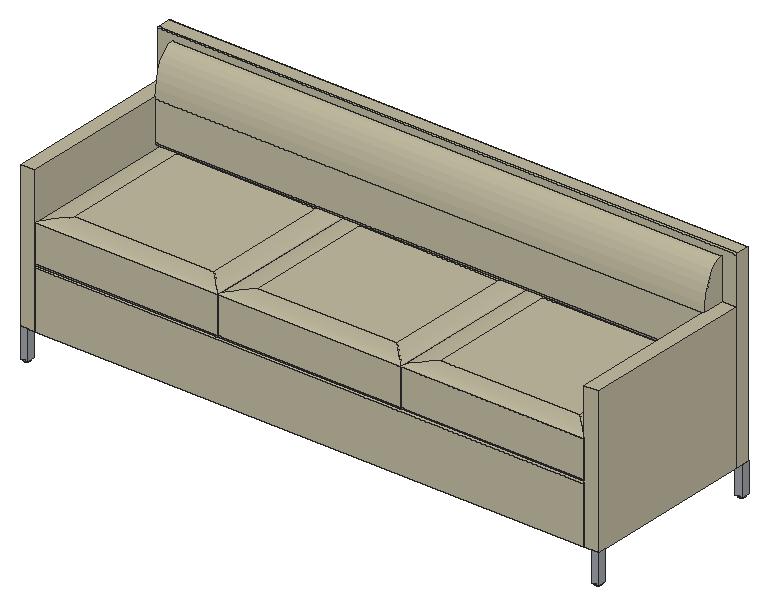
Revit family
Parameters
  URL = "http://www.martinbrattrud.com"
  SCS Certified Product = "Yes"
  Model = "Bristol 248-75HA"
  Manufacturer = "Martin Brattrud, Inc."
  Keynote = "125000"
  Copyright = "© 2013 Martin Brattrud, Inc."
  Chair [instance] = none
  Back Cushion [instance] = none
  Authoring Version = "Revit Architecture 2010"
  Assembly Code = "E2020200"
Reference planes (in)
  plane 1 "Center Front/Back": y = 0
  plane 2: z = 0
  plane 3 "Center Left/Right": x = 0
Forms (in)
  Extrusion 1, solid, material <- "Back Cushion"
    sketch origin (0, 0, 0) x (0, 1, 0) y (0, 0, 1)
      loop
        line (7.75, 23.75) -> (7.75, 18.375)
        arc (7.75, 18.375) -> (7.859835, 18.109835) -> (8.125, 18) r 0.375
        line (8.125, 18) -> (10.75, 18) -> (10.75, 29.5)
        spline (10.75, 29.5) -> (10.3584214, 29.450808) -> (9.9735429, 29.3040735) -> (9.6019497, 29.0623073) -> (9.25, 28.7296461) -> (8.9237157, 28.3117817) -> (8.6286797, 27.815864) -> (8.36994, 27.2503782) -> (8.1519238, 26.625) -> (7.9783614, 25.9504297) -> (7.8522225, 25.2382095) -> (7.7756654, 24.5005256) -> (7.75, 23.75)
    from -37.5 to 37.5
  Extrusion 2, solid, material <- "Chair"
    sketch origin (0, 0, 0) x (0, 1, 0) y (0, 0, 1)
      loop
        line (12.625, 30.5) -> (10.875, 30.5)
        arc (10.875, 30.5) -> (10.7866117, 30.4633883) -> (10.75, 30.375) r 0.125
        line (10.75, 30.375) -> (10.75, 4.25) -> (12.75, 4.25) -> (12.75, 30.375)
        arc (12.75, 30.375) -> (12.7133883, 30.4633883) -> (12.625, 30.5) r 0.125
    from -39.5 to 39.5
  Sweep 3, solid, material <- "Chair"
    path in 3D
      loop
        line (12.5, -12.75, 0) -> (12.5, 10.75, 0) -> (-12.5, 10.75, 0) -> (-12.5, -12.75, 0) -> (12.5, -12.75, 0)
    profile origin (0, -12.75, 0) x (0, 1, 0) y (0, 0, 1)
      loop
        line (0.0039062, 17.5) -> (10.75, 17.5) -> (10.75, 18) -> (3.0039063, 18)
        spline (3.0039063, 18) -> (2.6123277, 17.9957224) -> (2.2274491, 17.9829629) -> (1.855856, 17.9619398) -> (1.5039063, 17.9330127) -> (1.177622, 17.8966767) -> (0.8825859, 17.8535534) -> (0.6238462, 17.8043807) -> (0.40583, 17.75) -> (0.2322677, 17.6913417) -> (0.1061288, 17.6294095) -> (0.0295717, 17.5652631) -> (0.0039062, 17.5)
  Extrusion 4, solid, material <- "Chair"
    sketch origin (0, 0, 0) x (1, 0, 0) y (0, 1, 0)
      loop
        line (-26.75, -2) -> (26.75, -2) -> (26.75, 0) -> (-26.75, 0) -> (-26.75, -2)
    from 4.25 to 12.25
  Extrusion 5, solid, material <- "Chair"
    sketch origin (0, 0, 0) x (1, 0, 0) y (0, 1, 0)
      loop
        line (-1.75, -2) -> (1.75, -2) -> (1.75, 0) -> (-1.75, 0) -> (-1.75, -2)
    from 12.25 to 17.5
  Sweep 6, solid, material <- "Chair"
    path origin (0, 0, 0) x (1, 0, 0) y (0, 1, 0)
      loop
        line (-12.5, -12.75) -> (12.5, -12.75) -> (12.5, 10.75) -> (-12.5, 10.75) -> (-12.5, -12.75)
    profile origin (0, -12.75, 0) x (0, 1, 0) y (0, 0, 1)
      loop
        line (0, 17.5) -> (0, 12.5)
        arc (0, 12.5) -> (0.0732233, 12.3232233) -> (0.25, 12.25) r 0.25
        line (0.25, 12.25) -> (10.75, 12.25) -> (10.75, 17.5) -> (0, 17.5)
  Extrusion 7, solid, material <- "Chair"
    sketch origin (0, 0, 0) x (1, 0, 0) y (0, 1, 0)
      loop
        line (-1.75, 0) -> (-1.75, -2) -> (1.75, -2) -> (1.75, 0) -> (-1.75, 0)
    from 17.5 to 18
  Sweep 8, solid, material <- "Chair"
    path origin (0, 0, 0) x (1, 0, 0) y (0, 1, 0)
      loop
        line (-37.5, -12.75) -> (37.5, -12.75) -> (37.5, 10.75) -> (-37.5, 10.75) -> (-37.5, -12.75)
    profile origin (0, -12.75, 0) x (0, 1, 0) y (0, 0, 1)
      loop
        line (0, 4.25) -> (10.75, 4.25) -> (10.75, 12.25) -> (0.25, 12.25)
        arc (0.25, 12.25) -> (0.0732233, 12.1767767) -> (0, 12) r 0.25
        line (0, 12) -> (0, 4.25)
  Sweep 9, solid, material <- "Chair"
    path in 3D
      loop
        line (-12.5, -12.75, 0) -> (-12.5, 10.75, 0) -> (-37.5, 10.75, 0) -> (-37.5, -12.75, 0) -> (-12.5, -12.75, 0)
    profile origin (-25, -12.75, 0) x (0, 1, 0) y (0, 0, 1)
      loop
        line (0.0039062, 17.5) -> (10.75, 17.5) -> (10.75, 18) -> (3.0039063, 18)
        spline (3.0039063, 18) -> (2.6123277, 17.9957224) -> (2.2274491, 17.9829629) -> (1.855856, 17.9619398) -> (1.5039063, 17.9330127) -> (1.177622, 17.8966767) -> (0.8825859, 17.8535534) -> (0.6238462, 17.8043807) -> (0.40583, 17.75) -> (0.2322677, 17.6913417) -> (0.1061288, 17.6294095) -> (0.0295717, 17.5652631) -> (0.0039062, 17.5)
  Extrusion 10, solid, material <- "Chair"
    sketch origin (-25, 0, 0) x (1, 0, 0) y (0, 1, 0)
      loop
        line (-1.75, -2) -> (1.75, -2) -> (1.75, 0) -> (-1.75, 0) -> (-1.75, -2)
    from 12.25 to 17.5
  Sweep 11, solid, material <- "Chair"
    path origin (-25, 0, 0) x (1, 0, 0) y (0, 1, 0)
      loop
        line (-12.5, -12.75) -> (12.5, -12.75) -> (12.5, 10.75) -> (-12.5, 10.75) -> (-12.5, -12.75)
    profile origin (-25, -12.75, 0) x (0, 1, 0) y (0, 0, 1)
      loop
        line (0, 17.5) -> (0, 12.5)
        arc (0, 12.5) -> (0.0732233, 12.3232233) -> (0.25, 12.25) r 0.25
        line (0.25, 12.25) -> (10.75, 12.25) -> (10.75, 17.5) -> (0, 17.5)
  Extrusion 12, solid, material <- "Chair"
    sketch origin (-25, 0, 0) x (1, 0, 0) y (0, 1, 0)
      loop
        line (-1.75, 0) -> (-1.75, -2) -> (1.75, -2) -> (1.75, 0) -> (-1.75, 0)
    from 17.5 to 18
  Sweep 13, solid, material <- "Chair"
    path in 3D
      loop
        line (12.5, -12.75, 0) -> (12.5, 10.75, 0) -> (37.5, 10.75, 0) -> (37.5, -12.75, 0) -> (12.5, -12.75, 0)
    profile origin (25, -12.75, 0) x (0, -1, 0) y (0, 0, 1)
      loop
        spline (-0.0039062, 17.5) -> (-0.0295717, 17.5652631) -> (-0.1061288, 17.6294095) -> (-0.2322677, 17.6913417) -> (-0.40583, 17.75) -> (-0.6238462, 17.8043807) -> (-0.8825859, 17.8535534) -> (-1.177622, 17.8966767) -> (-1.5039063, 17.9330127) -> (-1.855856, 17.9619398) -> (-2.2274491, 17.9829629) -> (-2.6123277, 17.9957224) -> (-3.0039063, 18)
        line (-3.0039063, 18) -> (-10.75, 18) -> (-10.75, 17.5) -> (-0.0039062, 17.5)
  Extrusion 14, solid, material <- "Chair"
    sketch origin (25, 0, 0) x (-1, 0, 0) y (0, -1, 0)
      loop
        line (-1.75, 2) -> (-1.75, 0) -> (1.75, 0) -> (1.75, 2) -> (-1.75, 2)
    from 12.25 to 17.5
  Sweep 15, solid, material <- "Chair"
    path origin (25, 0, 0) x (-1, 0, 0) y (0, 1, 0)
      loop
        line (-12.5, -12.75) -> (12.5, -12.75) -> (12.5, 10.75) -> (-12.5, 10.75) -> (-12.5, -12.75)
    profile origin (25, -12.75, 0) x (0, -1, 0) y (0, 0, 1)
      loop
        line (0, 17.5) -> (-10.75, 17.5) -> (-10.75, 12.25) -> (-0.25, 12.25)
        arc (-0.25, 12.25) -> (-0.0732233, 12.3232233) -> (0, 12.5) r 0.25
        line (0, 12.5) -> (0, 17.5)
  Extrusion 16, solid, material <- "Chair"
    sketch origin (25, 0, 0) x (-1, 0, 0) y (0, -1, 0)
      loop
        line (-1.75, 0) -> (1.75, 0) -> (1.75, 2) -> (-1.75, 2) -> (-1.75, 0)
    from 17.5 to 18
  Extrusion 17, solid, material <- "Chair"
    sketch origin (25, 0, 0) x (-1, 0, 0) y (0, -1, 0)
      loop
        line (-14.5, -10.75) -> (-12.5, -10.75) -> (-12.5, 12.75) -> (-14.5, 12.75) -> (-14.5, -10.75)
    from 4.25 to 24
  Extrusion 18, solid, material <- "Chair"
    sketch origin (-25, 0, 0) x (1, 0, 0) y (0, 1, 0)
      loop
        line (-14.5, 10.75) -> (-14.5, -12.75) -> (-12.5, -12.75) -> (-12.5, 10.75) -> (-14.5, 10.75)
    from 4.25 to 24
Cuts and joins
  joined: Extrusion 5, Sweep 6
  joined: Extrusion 4, Sweep 8
  joined: Sweep 3, Extrusion 7
  joined: Sweep 13, Extrusion 16
  joined: Sweep 9, Extrusion 12
  joined: Extrusion 10, Sweep 11
  joined: Extrusion 14, Sweep 15
Lines and regions (in)
  sketch lines
    curve 1: line (-12.5, -12.75, 0) -> (12.5, -12.75, 0)
    curve 2: line (12.5, -12.75, 0) -> (12.5, 10.75, 0)
    curve 3: line (-12.5, 10.75, 0) -> (12.5, 10.75, 0)
    curve 4: line (-12.5, 10.75, 0) -> (-12.5, -12.75, 0)
    curve 5: line (-37.5, -12.75, 0) -> (-12.5, -12.75, 0)
    curve 6: line (-12.5, -12.75, 0) -> (-12.5, 10.75, 0)
    curve 7: line (-37.5, 10.75, 0) -> (-12.5, 10.75, 0)
    curve 8: line (-37.5, 10.75, 0) -> (-37.5, -12.75, 0)
    curve 9: line (37.5, -12.75, 0) -> (12.5, -12.75, 0)
    curve 10: line (12.5, -12.75, 0) -> (12.5, 10.75, 0)
    curve 11: line (37.5, 10.75, 0) -> (12.5, 10.75, 0)
    curve 12: line (37.5, 10.75, 0) -> (37.5, -12.75, 0)
Nested families (in)
  nested 1: "Bristol Leg" at (39, 12.25, 0), type "Bristol Leg"
  nested 2: "Bristol Leg" at (39, -12.25, 0), type "Bristol Leg"
  nested 3: "Bristol Leg" at (-39, 12.25, 0) x (-1, 0, 0) z (0, 0, 1), type "Bristol Leg"
  nested 4: "Bristol Leg" at (-39, -12.25, 0) x (-1, 0, 0) z (0, 0, 1), type "Bristol Leg"
Definition of nested family "Bristol Leg"
  Parameters
    URL = "http://www.martinbrattrud.com"
    SCS Certified Product = ""
    Model = ""
    Leg = none
    Manufacturer = "Martin Brattrud, Inc."
    Keynote = "125000"
    Copyright = "© 2013 Martin Brattrud, Inc."
    Authoring Version = "Revit Architecture 2010"
    Assembly Code = "E2020200"
  Reference planes (in)
    plane 1 "Center Front/Back": y = 0
    plane 2: z = 0
    plane 3 "Center Left/Right": x = 0
  Forms (in)
    Extrusion 1, solid, material <- "Leg"
      sketch origin (0, 0, 0) x (1, 0, 0) y (0, 1, 0)
        loop
          line (-0.5, 0.5) -> (-0.5, -0.5) -> (0.5, -0.5) -> (0.5, 0.5) -> (-0.5, 0.5)
      from 0.25 to 4.25
    Revolve 2, solid, material <- "Leg"
      sketch origin (0, 0, 0) x (0, 1, 0) y (0, 0, 1)
        loop
          line (0, 0) -> (0.25, 0)
          arc (0.25, 0) -> (0.4267767, 0.0732233) -> (0.5, 0.25) r 0.25
          line (0.5, 0.25) -> (0, 0.25) -> (0, 0)
        axis (0, 0.25) -> (0, 0)
      angle from 0 to 360
